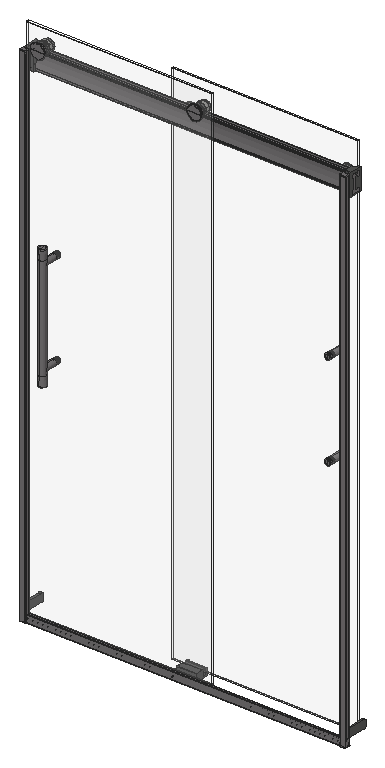
Revit family "Shower-Shower_Door-KOHLER-Elmbrook-K-706852_1", category Specialty Equipment, host Face, Revit 2022 (continued)
Definition of nested family "K-706852"
  Lines and regions (in)
    symbolic lines, detail levels medium+fine
      curve 82: line (-8.10636, 0.35347, 0) -> (-8.13193, 0.3279, 0)
      curve 83: line (-6.74172, 0.35347, 0) -> (-6.71546, 0.32721, 0)
      curve 84: arc (-6.71546, 0.32721, 0) -> (-6.70558, 0.31243, 0) -> (-6.70211, 0.29499, 0) r 0.04557
      curve 85: arc (-8.13193, 0.3279, 0) -> (-8.14231, 0.31235, 0) -> (-8.14596, 0.29401, 0) r 0.04793
      curve 86: line (-6.71546, 0.32721, 0) -> (-8.1324, 0.32721, 0)
      curve 87: line (-6.70211, 0.29499, 0) -> (-8.14595, 0.29499, 0)
      curve 88: line (-7.63275, 0.03647, 0) -> (-7.63275, -0.02156, 0)
      curve 89: line (-7.21443, 0.03647, 0) -> (-7.21443, -0.02156, 0)
      curve 90: arc (-8.15135, -1.03166, 0) -> (-8.23877, -1.36938, 0) -> (-8.44129, -1.65344, 0) r 0.95825
      curve 91: arc (-6.67596, -1.03166, 0) -> (-6.60656, -1.37779, 0) -> (-6.38602, -1.65344, 0) r 0.74727
      curve 92: line (-7.63275, 0.02288, 0) -> (-28.5392, 0.02288, 0)
      curve 93: line (-7.63275, -0.00512, 0) -> (-28.5392, -0.00512, 0)
      curve 94: line (-7.63275, -0.01434, 0) -> (-28.15901, -0.01434, 0)
      curve 95: line (-6.60962, -0.20812, 0) -> (12.42859, -0.20812, 0)
      curve 96: line (-6.60975, -0.21734, 0) -> (12.42859, -0.21734, 0)
      curve 97: line (-7.68984, -0.41934, 0) -> (-28.57159, -0.41934, 0)
      curve 98: line (-7.68984, -0.41012, 0) -> (-28.57159, -0.41012, 0)
      curve 99: line (-6.64873, -1.26408, 0) -> (12.65204, -1.26408, 0)
      curve 100: line (-6.63972, -1.29376, 0) -> (12.65204, -1.29376, 0)
      curve 101: line (12.65204, -1.23422, 0) -> (12.65204, -1.65962, 0)
      curve 102: arc (12.76273, -1.12353, 0) -> (12.68446, -1.15595, 0) -> (12.65204, -1.23422, 0) r 0.11069
      curve 103: line (13.4171, -1.12353, 0) -> (12.76273, -1.12353, 0)
      curve 104: line (13.06536, 0.7144, 0) -> (13.06536, 1.0264, 0)
      curve 105: line (13.06536, 0.94095, 0) -> (13.4171, 0.94095, 0)
      curve 106: line (9.07254, 1.0264, 0) -> (9.77854, 1.0264, 0)
      curve 107: line (9.06879, 0.7144, 0) -> (9.78103, 0.7144, 0)
      curve 108: line (10.41216, 1.0264, 0) -> (11.82968, 1.0264, 0)
      curve 109: line (11.82968, 0.7144, 0) -> (10.41216, 0.7144, 0)
      curve 110: line (10.58979, 0.52249, 0) -> (11.65204, 0.52249, 0)
      curve 111: line (9.03126, 1.06767, 0) -> (9.81865, 1.06767, 0)
      curve 112: line (9.81866, 0.67677, 0) -> (9.03126, 0.67677, 0)
      curve 113: arc (9.03126, 2.60814, 0) -> (9.42496, 2.44378, 0) -> (9.81866, 2.60814, 0) r 0.55371
      curve 114: line (10.1376, 1.54393, 0) -> (12.1162, 1.54393, 0)
      curve 115: line (-10.83221, 0.46188, 0) -> (-8.07631, 0.46188, 0)
      curve 116: line (-11.07315, 0.7144, 0) -> (-9.60787, 0.7144, 0)
      curve 117: line (-9.78402, 0.51916, 0) -> (-10.89699, 0.51916, 0)
      curve 118: line (-11.33484, 1.55046, 0) -> (-9.34618, 1.55046, 0)
      curve 119: line (12.44652, 0, 70.12659) -> (-5.41883, 0, 70.12659)
      curve 120: line (13.4171, 0, 70.33864) -> (12.44652, 0, 70.33864)
      curve 121: line (-5.41883, 0, 67.58059) -> (12.44652, 0, 67.58059)
      curve 122: line (12.44652, 0, 67.35303) -> (12.64623, 0, 67.35303)
      curve 123: line (12.44652, 0, 70.33864) -> (12.44652, 0, 67.35303)
      curve 124: line (-30.46324, 0, 0.078) -> (-30.46324, 0, 70.33864)
      curve 125: line (-30.46324, 0, 0.99037) -> (12.64623, 0, 0.99037)
      curve 126: line (12.64623, 0, 0.078) -> (12.64623, 0, 70.33864)
      curve 127: line (-5.41883, 0, 73.53554) -> (-5.41883, 0, 0.99037)
      curve 128: line (-30.46324, 0, 70.33864) -> (-30.913, 0, 70.33864)
      curve 129: line (-30.906, 0, 0.078) -> (-30.46324, 0, 0.078)
      curve 130: arc (9.42409, 0, 46.34422) -> (9.81779, 0, 45.95052) -> (9.42409, 0, 45.55682) r 0.3937
      curve 131: arc (9.42409, 0, 45.55682) -> (9.03039, 0, 45.95052) -> (9.42409, 0, 46.34422) r 0.3937
      curve 132: arc (9.42409, 0, 32.55642) -> (9.81779, 0, 32.95012) -> (9.42409, 0, 33.34382) r 0.3937
      curve 133: arc (9.42409, 0, 33.34382) -> (9.03039, 0, 32.95012) -> (9.42409, 0, 32.55642) r 0.3937
      curve 134: line (-27.63744, 0, 47.90829) -> (-26.76352, 0, 47.90829)
      curve 135: line (-27.5955, 0, 46.63584) -> (-27.5955, 0, 33.05316)
      curve 136: line (-26.73096, 0, 33.05316) -> (-26.73096, 0, 46.63584)
      curve 137: line (-27.63282, 0, 30.99648) -> (-26.68569, 0, 30.99648)
      curve 138: arc (-27.5955, 0, 33.05316) -> (-27.61985, 0, 32.05673) -> (-27.69284, 0, 31.06268) r 20.40004
      curve 139: arc (-26.63951, 0, 31.04707) -> (-26.70809, 0, 32.04908) -> (-26.73096, 0, 33.05316) r 22.04962
      curve 140: arc (-26.68569, 0, 30.99648) -> (-26.65144, 0, 31.01159) -> (-26.63951, 0, 31.04707) r 0.04637
      curve 141: arc (-27.69284, 0, 31.06268) -> (-27.6775, 0, 31.01628) -> (-27.63282, 0, 30.99648) r 0.06032
      curve 142: arc (-26.73096, 0, 46.63584) -> (-26.72466, 0, 47.24209) -> (-26.70577, 0, 47.84808) r 29.18386
      curve 143: arc (-27.69525, 0, 47.84003) -> (-27.62048, 0, 47.24) -> (-27.5955, 0, 46.63584) r 7.31843
      curve 144: arc (-27.69525, 0, 47.84003) -> (-27.68217, 0, 47.88756) -> (-27.63744, 0, 47.90829) r 0.05861
      curve 145: arc (-29.87877, 0, 70.79309) -> (-28.90917, 0, 71.76269) -> (-27.93956, 0, 70.79309) r 0.9696
      curve 146: arc (-27.93956, 0, 70.79309) -> (-28.90917, 0, 69.82348) -> (-29.87877, 0, 70.79309) r 0.9696
      curve 147: arc (-8.43368, 0, 70.79232) -> (-7.42404, 0, 71.80196) -> (-6.4144, 0, 70.79232) r 1.00964
      curve 148: arc (-6.4144, 0, 70.79232) -> (-7.42404, 0, 69.78268) -> (-8.43368, 0, 70.79232) r 1.00964
      curve 149: line (23.30203, 1.01507, 33.34476) -> (23.30203, 1.01507, 32.55736)
      curve 150: line (23.30203, -1.78183, 33.34476) -> (23.30203, -1.78183, 32.55736)
      curve 151: arc (23.30203, 2.59033, 33.34476) -> (23.30203, 2.77913, 32.95136) -> (23.30203, 2.59033, 32.55795) r 0.50428
      curve 152: arc (23.30203, -2.601, 33.34476) -> (23.30203, -2.78543, 32.95136) -> (23.30203, -2.601, 32.55795) r 0.5118
      curve 153: arc (23.30203, -2.601, 46.3363) -> (23.30203, -2.79783, 45.94289) -> (23.30203, -2.601, 45.54949) r 0.49156
      curve 154: line (23.30203, -1.78183, 46.3363) -> (23.30203, -1.78183, 45.54949)
      curve 155: line (23.30203, 1.01507, 46.3363) -> (23.30203, 1.01507, 45.54949)
      curve 156: arc (23.30203, 2.59033, 46.3363) -> (23.30203, 2.86224, 45.94289) -> (23.30203, 2.59033, 45.54949) r 0.42055
      curve 157: line (23.30203, 1.01814, 2.12758) -> (23.30203, -1.78159, 2.12758)
      curve 158: line (23.30203, 1.27068, 1.05363) -> (23.30203, -1.77498, 1.05363)
      curve 159: line (23.30203, 0.34393, 70.33885) -> (23.30203, -1.09089, 70.33885)
      curve 160: line (23.30203, -1.09089, 70.20372) -> (23.30203, 0.86499, 70.20372)
      curve 161: line (23.30203, -1.11053, 70.22412) -> (23.30203, -1.11053, 70.3192)
      curve 162: arc (23.30203, -1.09089, 70.33885) -> (23.30203, -1.10478, 70.33309) -> (23.30203, -1.11053, 70.3192) r 0.01964
      curve 163: arc (23.30203, -1.09013, 70.20372) -> (23.30203, -1.10456, 70.2097) -> (23.30203, -1.11053, 70.22412) r 0.0204
      curve 164: line (23.30203, 0.70517, 70.33887) -> (23.30203, 0.91705, 70.33887)
      curve 165: line (23.30203, 0.93973, 70.3192) -> (23.30203, 0.93973, 67.36209)
      curve 166: line (23.30203, 0.88446, 70.18426) -> (23.30203, 0.88446, 67.60686)
      curve 167: arc (23.30203, 0.91705, 70.33887) -> (23.30203, 0.93253, 70.33246) -> (23.30203, 0.93894, 70.31697) r 0.0219
      curve 168: line (23.30203, 0.49466, 67.58021) -> (23.30203, 0.85916, 67.58147)
      curve 169: line (23.30203, 0.91651, 67.33927) -> (23.30203, -1.08828, 67.33927)
      curve 170: arc (23.30203, 0.88446, 67.60686) -> (23.30203, 0.87705, 67.58894) -> (23.30203, 0.85916, 67.58147) r 0.02539
      curve 171: arc (23.30203, 0.93973, 67.36209) -> (23.30203, 0.93309, 67.34605) -> (23.30203, 0.91705, 67.33941) r 0.02269
      curve 172: line (23.30203, 0.30435, 71.50714) -> (23.30203, 0.30435, 70.33885)
      curve 173: line (23.30203, 0.03693, 71.27334) -> (23.30203, 0.03693, 70.33885)
      curve 174: line (23.30203, -0.02156, 71.27334) -> (23.30203, -0.02156, 70.33885)
      curve 175: line (23.30203, -0.39418, 71.04967) -> (23.30203, -0.39418, 70.33885)
      curve 176: line (23.30203, -0.44395, 71.04967) -> (23.30203, -0.44395, 70.33885)
      curve 177: line (23.30203, -0.52889, 71.3334) -> (23.30203, -0.52889, 70.33885)
      curve 178: line (23.30203, -0.46435, 71.3334) -> (23.30203, -0.46435, 70.33885)
      curve 179: line (23.30203, -0.72889, 71.51375) -> (23.30203, -0.72889, 70.33885)
      curve 180: line (23.30203, -1.04089, 71.47767) -> (23.30203, -1.04089, 70.33885)
      curve 181: line (23.30203, 1.0215, 69.34449) -> (23.30203, 1.0215, 68.15362)
      curve 182: line (23.30203, 1.01507, 67.96928) -> (23.30203, 1.0215, 68.15362)
      curve 183: line (23.30203, -1.11053, 70.3192) -> (23.30203, 0.93973, 70.3192)
      curve 184: line (23.30203, -1.11053, 70.22412) -> (23.30203, 0.87748, 70.22412)
      curve 185: line (23.30203, 0.91705, 70.33887) -> (23.30203, 0.91705, 67.33941)
      curve 186: line (23.30203, 0.93973, 67.36209) -> (23.30203, -1.11168, 67.36209)
      curve 187: line (23.30203, -0.52642, 67.58624) -> (23.30203, -1.08941, 67.58624)
      curve 188: line (23.30203, -1.08941, 67.33931) -> (23.30203, -1.08941, 67.58624)
      curve 189: line (23.30203, -1.11168, 67.36209) -> (23.30203, -1.11168, 67.56822)
      curve 190: line (23.30203, 0.85811, 67.6142) -> (23.30203, -1.71776, 67.6142)
      curve 191: arc (23.30203, -1.08941, 67.33931) -> (23.30203, -1.10598, 67.34617) -> (23.30203, -1.11284, 67.36274) r 0.02343
      curve 192: line (23.30203, -1.11168, 67.56822) -> (23.30203, -0.52163, 67.56822)
      curve 193: line (23.30203, 0.50003, 67.56552) -> (23.30203, 0.87212, 67.56552)
      curve 194: line (23.30203, 0.90685, 67.60025) -> (23.30203, 0.90685, 70.19475)
      curve 195: arc (23.30203, 0.87748, 70.22412) -> (23.30203, 0.89825, 70.21552) -> (23.30203, 0.90685, 70.19475) r 0.02937
      curve 196: line (23.30203, -1.09089, 70.33885) -> (23.30203, -1.09089, 70.20372)
      curve 197: arc (23.30203, 0.87212, 67.56552) -> (23.30203, 0.89668, 67.5757) -> (23.30203, 0.90685, 67.60025) r 0.03473
      curve 198: line (23.30203, 0.46004, 67.54428) -> (23.30203, -0.48181, 67.54428)
      curve 199: line (23.30203, -0.48181, 67.52428) -> (23.30203, 0.46004, 67.52428)
      curve 200: arc (23.30203, -0.50181, 67.56428) -> (23.30203, -0.50993, 67.57995) -> (23.30203, -0.52642, 67.58624) r 0.02478
      curve 201: arc (23.30203, -0.52163, 67.56822) -> (23.30203, -0.51146, 67.53743) -> (23.30203, -0.48181, 67.52428) r 0.04001
      curve 202: arc (23.30203, 0.47672, 67.55323) -> (23.30203, 0.4695, 67.54666) -> (23.30203, 0.46004, 67.54428) r 0.02003
      curve 203: arc (23.30203, 0.46004, 67.52428) -> (23.30203, 0.48876, 67.53644) -> (23.30203, 0.50003, 67.56552) r 0.04001
      curve 204: line (23.30203, -1.67943, 70.3232) -> (23.30203, -1.11012, 70.3232)
      curve 205: line (23.30203, -1.57969, 71.79214) -> (23.30203, -1.57969, 70.3232)
      curve 206: line (23.30203, -1.62123, 71.79957) -> (23.30203, -1.62123, 70.3232)
      curve 207: line (23.30203, -1.65378, 71.7825) -> (23.30203, -1.65378, 70.3232)
      curve 208: line (23.30203, 1.57964, 69.65937) -> (23.30203, 1.57964, 67.65089)
      curve 209: line (23.30203, 1.54025, 67.65868) -> (23.30203, 1.54025, 69.6497)
      curve 210: line (23.30203, 1.64668, 67.68505) -> (23.30203, 1.64668, 69.6275)
      curve 211: line (23.30203, 1.09929, 1.05363) -> (23.30203, 1.08497, 0.23334)
      curve 212: line (23.30203, 0.72432, 0.20197) -> (23.30203, 0.67969, 1.05363)
      curve 213: line (23.30203, -0.44189, 1.05363) -> (23.30203, -0.48606, 0.2109)
      curve 214: line (23.30203, -0.84702, 0.23332) -> (23.30203, -0.84702, 1.05363)
      curve 215: line (23.30203, 0.99019, 0.1402) -> (23.30203, 0.78942, 0.1402)
      curve 216: line (23.30203, -0.56056, 0.1402) -> (23.30203, -0.75391, 0.1402)
      curve 217: arc (23.30203, 1.08497, 0.23334) -> (23.30203, 1.05663, 0.16738) -> (23.30203, 0.99019, 0.1402) r 0.09479
      curve 218: arc (23.30203, 0.78942, 0.1402) -> (23.30203, 0.74455, 0.1581) -> (23.30203, 0.72432, 0.20197) r 0.06518
      curve 219: arc (23.30203, -0.48606, 0.2109) -> (23.30203, -0.50921, 0.16069) -> (23.30203, -0.56056, 0.1402) r 0.07461
      curve 220: arc (23.30203, -0.75391, 0.1402) -> (23.30203, -0.81975, 0.16747) -> (23.30203, -0.84702, 0.23332) r 0.09311
      curve 221: line (23.30203, 1.113, 1.05363) -> (23.30203, 1.09871, 0.23483)
      curve 222: line (23.30203, 0.98641, 0.12448) -> (23.30203, 0.79295, 0.12448)
      curve 223: line (23.30203, 0.66454, 1.05363) -> (23.30203, 0.70906, 0.20409)
      curve 224: arc (23.30203, 0.70906, 0.20409) -> (23.30203, 0.73513, 0.14755) -> (23.30203, 0.79295, 0.12448) r 0.084
      curve 225: arc (23.30203, 1.09871, 0.23483) -> (23.30203, 1.06513, 0.15669) -> (23.30203, 0.98641, 0.12448) r 0.11231
      curve 226: line (23.30203, -0.47002, 0.21148) -> (23.30203, -0.42589, 1.05363)
      curve 227: line (23.30203, -0.86285, 0.21493) -> (23.30203, -0.86285, 1.05363)
      curve 228: line (23.30203, -0.5617, 0.12448) -> (23.30203, -0.7708, 0.12448)
      curve 229: arc (23.30203, -0.5617, 0.12448) -> (23.30203, -0.49851, 0.14969) -> (23.30203, -0.47002, 0.21148) r 0.09181
      curve 230: arc (23.30203, -0.7708, 0.12448) -> (23.30203, -0.83533, 0.15088) -> (23.30203, -0.86285, 0.21493) r 0.09206
      curve 231: line (23.30203, 0.70517, 46.28708) -> (23.30203, 0.70517, 45.57773)
      curve 232: line (23.30203, -1.66242, 0.07764) -> (23.30203, -1.66242, 1.05363)
      curve 233: line (23.30203, -1.66242, 0.07764) -> (23.30203, -1.66242, 1.05363)
      curve 234: line (23.30203, -1.71776, 67.6142) -> (23.30203, -1.71776, 2.12758)
      curve 235: line (23.30203, -1.75433, 0.0782) -> (23.30203, -1.75433, 1.05363)
      curve 236: line (23.30203, -1.731, 70.2432) -> (23.30203, -1.731, 2.12758)
      curve 237: line (23.30203, -1.69083, 0.07764) -> (23.30203, -1.69083, 1.05363)
      curve 238: line (23.30203, -1.77677, 70.2432) -> (23.30203, -1.13835, 70.2432)
      curve 239: line (23.30203, -1.13835, 70.2432) -> (23.30203, -1.13835, 70.2918)
      curve 240: arc (23.30203, -1.13835, 70.2918) -> (23.30203, -1.14614, 70.31262) -> (23.30203, -1.16569, 70.3232) r 0.0317
      curve 241: line (23.30203, -1.44117, 33.93923) -> (23.30203, -1.44117, 63.52117)
      curve 242: line (23.30203, -1.25276, 67.6142) -> (23.30203, -1.25276, 2.12758)
      curve 243: line (23.30203, -1.26876, 67.6142) -> (23.30203, -1.26876, 2.12758)
      curve 244: line (23.30203, -1.19776, 0.07764) -> (23.30203, -1.19776, 1.05363)
      curve 245: line (23.30203, -1.04089, 67.33927) -> (23.30203, -1.04089, 2.12758)
      curve 246: line (23.30203, -1.16119, 0.07764) -> (23.30203, -1.16119, 1.05363)
      curve 247: line (23.30203, -1.16119, 2.12758) -> (23.30203, -1.16119, 70.2432)
      curve 248: line (23.30203, -1.04089, 1.05363) -> (23.30203, -1.04089, 0.1612)
      curve 249: line (23.30203, -1.19776, 2.12758) -> (23.30203, -1.19776, 67.6142)
      curve 250: line (23.30203, -1.25276, 1.05363) -> (23.30203, -1.25276, 0.07764)
      curve 251: line (23.30203, -1.26876, 1.05363) -> (23.30203, -1.26876, 0.07764)
      curve 252: line (23.30203, -1.66242, 2.12758) -> (23.30203, -1.66242, 67.6142)
      curve 253: line (23.30203, -1.69083, 2.12758) -> (23.30203, -1.69085, 67.6142)
      curve 254: line (23.30203, -1.71776, 1.05363) -> (23.30203, -1.71776, 0.07764)
      curve 255: line (23.30203, -1.731, 1.05363) -> (23.30203, -1.731, 0.0782)
      curve 256: line (23.30203, -1.75433, 2.12758) -> (23.30203, -1.75433, 70.2432)
      curve 257: line (23.30203, -1.66242, 0.07764) -> (23.30203, -0.98163, 0.07764)
      curve 258: line (23.30203, -0.97176, 0.05236) -> (23.30203, -0.97176, 0)
      curve 259: line (23.30203, -1.47129, 0.07764) -> (23.30203, -1.47129, 67.6142)
      curve 260: line (23.30203, -1.44117, 0.07764) -> (23.30203, -1.44117, 67.6142)
      curve 261: line (23.30203, 0.67675, 0.82056) -> (23.30203, -0.4381, 0.82056)
      curve 262: line (23.30203, 1.10893, 0.82056) -> (23.30203, 1.28918, 0.82056)
      curve 263: line (23.30203, -1.71776, 0.9957) -> (23.30203, -1.19776, 0.9957)
      curve 264: line (23.30203, -0.91253, 0.04289) -> (23.30203, -0.54226, 0.00307)
      curve 265: line (23.30203, -1.16119, 0.1612) -> (23.30203, -0.97909, 0.1612)
      curve 266: line (23.30203, -0.95296, 0.13553) -> (23.30203, -0.9521, 0.08618)
      curve 267: arc (23.30203, -0.97909, 0.1612) -> (23.30203, -0.96077, 0.15371) -> (23.30203, -0.95296, 0.13553) r 0.02613
      curve 268: arc (23.30203, -0.9521, 0.08618) -> (23.30203, -0.9405, 0.05705) -> (23.30203, -0.91253, 0.04289) r 0.04432
      curve 269: line (23.30203, -0.99313, 0.1612) -> (23.30203, -0.99313, 0.10816)
      curve 270: line (23.30203, -0.99313, 0.10816) -> (23.30203, -1.02365, 0.07764)
      curve 271: line (23.30203, -0.99313, 0.10816) -> (23.30203, -1.16119, 0.10816)
      curve 272: line (23.30203, 3.45825, 46.54333) -> (23.30203, 2.59033, 46.54333)
      curve 273: line (23.30203, -2.601, 46.54333) -> (23.30203, -3.46891, 46.54333)
      curve 274: line (23.30203, -2.50878, 47.83303) -> (23.30203, -3.56123, 47.83303)
      curve 275: line (23.30203, 3.5397, 47.83585) -> (23.30203, 2.49771, 47.83585)
      curve 276: line (23.30203, 2.59033, 32.35092) -> (23.30203, 3.45825, 32.35092)
      curve 277: line (23.30203, 3.54164, 31.08859) -> (23.30203, 2.50201, 31.08859)
      curve 278: line (23.30203, -2.50878, 31.06121) -> (23.30203, -3.56123, 31.06121)
      curve 279: line (23.30203, -3.46891, 32.35092) -> (23.30203, -2.601, 32.35092)
      curve 280: line (23.30203, -1.71776, 70.12679) -> (23.30203, 0.85811, 70.12679)
      curve 281: line (23.30203, 0.85811, 67.6142) -> (23.30203, 0.85811, 70.12679)
      curve 282: line (23.30203, 0.78911, 70.12679) -> (23.30203, 0.78911, 67.6142)
      curve 283: line (23.30203, 0.75711, 70.12679) -> (23.30203, 0.75711, 67.6142)
      curve 284: line (23.30203, 0.53011, 67.6142) -> (23.30203, 0.53011, 70.12679)
      curve 285: line (23.30203, 0.48611, 70.12679) -> (23.30203, 0.48611, 67.6142)
      curve 286: line (23.30203, 0.51411, 70.12679) -> (23.30203, 0.51411, 67.6142)
      curve 287: line (23.30203, 0.47011, 70.12679) -> (23.30203, 0.47011, 67.6142)
      curve 288: line (23.30203, 0.77311, 70.12679) -> (23.30203, 0.77311, 67.6142)
      curve 289: line (23.30203, 0.84211, 70.12679) -> (23.30203, 0.84211, 67.6142)
      curve 290: line (23.30203, 0.45411, 70.12679) -> (23.30203, 0.45411, 67.6142)
      curve 291: line (23.30203, 0.54611, 70.12679) -> (23.30203, 0.54611, 67.6142)
      curve 292: line (23.30203, -0.75089, 67.6142) -> (23.30203, -0.75089, 70.12679)
      curve 293: line (23.30203, -0.79489, 70.12679) -> (23.30203, -0.79489, 67.6142)
      curve 294: line (23.30203, -0.76689, 70.12679) -> (23.30203, -0.76689, 67.6142)
      curve 295: line (23.30203, -0.81089, 70.12679) -> (23.30203, -0.81089, 67.6142)
      curve 296: line (23.30203, -0.82689, 70.12679) -> (23.30203, -0.82689, 67.6142)
      curve 297: line (23.30203, -1.04776, 67.6142) -> (23.30203, -1.04776, 70.12679)
      curve 298: line (23.30203, -1.06376, 70.12679) -> (23.30203, -1.06376, 67.6142)
      curve 299: line (23.30203, -1.03176, 70.12679) -> (23.30203, -1.03176, 67.6142)
      curve 300: circle (23.30203, 0.12407, 69.35408) r 0.13429 normal (1, 0, 0)
      curve 301: circle (23.30203, -0.40335, 69.35408) r 0.13429 normal (1, 0, 0)
      curve 302: circle (23.30203, 0.12407, 68.40068) r 0.13429 normal (1, 0, 0)
      curve 303: circle (23.30203, -0.40335, 68.40068) r 0.13429 normal (1, 0, 0)
      curve 304: line (23.30203, -1.71776, 70.12679) -> (23.30203, -1.71776, 67.6142)
      curve 305: line (23.30203, -1.69115, 70.12679) -> (23.30203, -1.69116, 67.6142)
      curve 306: line (23.30203, -1.6768, 70.12679) -> (23.30203, -1.67683, 67.6142)
      curve 307: line (23.30203, -1.61876, 70.12679) -> (23.30203, -1.61876, 69.3902)
      curve 308: line (23.30203, -1.60276, 67.6142) -> (23.30203, -1.60276, 70.12679)
      curve 309: line (23.30203, -1.31276, 70.12679) -> (23.30203, -1.31276, 67.6142)
      curve 310: line (23.30203, -1.29676, 70.12679) -> (23.30203, -1.29676, 69.3902)
      curve 311: line (23.30203, -1.33636, 70.12679) -> (23.30203, -1.33636, 66.1402)
      curve 312: line (23.30203, -1.57936, 70.12679) -> (23.30203, -1.57936, 66.1402)
      curve 313: line (23.30203, -1.61876, 69.3277) -> (23.30203, -1.61876, 67.6142)
      curve 314: line (23.30203, -1.29676, 69.3277) -> (23.30203, -1.29676, 67.6142)
      curve 315: line (23.30203, -1.25276, 69.3277) -> (23.30203, -1.25276, 69.3902)
      curve 316: line (23.30203, -1.60276, 69.3902) -> (23.30203, -1.66276, 69.3902)
      curve 317: line (23.30203, -1.25276, 69.3902) -> (23.30203, -1.31276, 69.3902)
      curve 318: line (23.30203, -1.31276, 69.3277) -> (23.30203, -1.25276, 69.3277)
      curve 319: line (23.30203, -1.66276, 69.3277) -> (23.30203, -1.60276, 69.3277)
      curve 320: line (23.30203, -1.66276, 69.3902) -> (23.30203, -1.66276, 69.3277)
      curve 321: line (23.30203, -1.18453, 70.12679) -> (23.30203, -1.18453, 70.2432)
      curve 322: line (23.30203, -1.23776, 70.2432) -> (23.30203, -1.23776, 70.12679)
      curve 323: line (23.30203, -1.27902, 70.243) -> (23.30203, -1.27902, 70.12679)
      curve 324: line (23.30203, -1.43633, 70.12679) -> (23.30203, -1.43227, 70.243)
      curve 325: line (23.30203, -1.48325, 70.243) -> (23.30203, -1.4792, 70.12679)
      curve 326: line (23.30203, -1.63651, 70.12679) -> (23.30203, -1.63651, 70.243)
      curve 327: line (23.30203, -1.4712, 70.12679) -> (23.30203, -1.47526, 70.243)
      curve 328: line (23.30203, -1.44432, 70.12679) -> (23.30203, -1.44026, 70.243)
      curve 329: line (23.30203, -1.64777, 70.12679) -> (23.30203, -1.64827, 70.243)
      curve 330: line (23.30203, -1.26775, 70.12679) -> (23.30203, -1.26725, 70.243)
      curve 331: line (23.30203, -1.69376, 70.12679) -> (23.30203, -1.69376, 70.2432)
      curve 332: line (23.30203, -1.70213, 70.2432) -> (23.30203, -1.70213, 70.12679)
      curve 333: line (23.30203, -1.6624, 70.12679) -> (23.30203, -1.66811, 70.243)
      curve 334: line (23.30203, -1.25313, 70.12679) -> (23.30203, -1.24745, 70.24211)
      curve 335: line (23.30203, -1.67776, 70.12679) -> (23.30203, -1.67776, 70.2432)
      curve 336: line (23.30203, -1.62971, 70.2827) -> (23.30203, -1.28581, 70.2827)
      curve 337: line (23.30203, -1.28581, 70.2827) -> (23.30203, -1.27885, 70.2432)
      curve 338: line (23.30203, -1.62971, 70.2827) -> (23.30203, -1.63526, 70.2432)
      curve 339: line (23.30203, 0.65517, 33.31744) -> (23.30203, 0.65517, 32.58851)
      curve 340: line (23.30203, 0.64064, 33.34349) -> (23.30203, 0.64064, 32.55674)
      curve 341: line (23.30203, 0.42008, 32.55736) -> (23.30203, 0.42008, 33.34476)
      curve 342: line (23.30203, -0.67352, 33.29201) -> (23.30203, -0.67352, 32.61246)
      curve 343: line (23.30203, -0.66361, 33.34121) -> (23.30203, -0.66361, 32.55903)
      curve 344: line (23.30203, -0.43844, 32.55547) -> (23.30203, -0.43844, 33.34476)
      curve 345: line (23.30203, -0.72889, 46.28708) -> (23.30203, -0.72889, 45.57773)
      curve 346: line (23.30203, -1.26876, 66.1402) -> (23.30203, -1.66242, 66.1402)
      curve 347: line (23.30203, -1.04089, 32.61152) -> (23.30203, -1.16119, 32.61152)
      curve 348: line (23.30203, -1.04089, 33.297) -> (23.30203, -1.16119, 33.297)
      curve 349: line (23.30203, 0.42541, 45.57773) -> (23.30203, 0.42541, 46.28708)
      curve 350: line (23.30203, -0.44892, 45.57773) -> (23.30203, -0.44892, 46.28708)
      curve 351: arc (-5.41883, 0.86499, 70.20372) -> (-5.41883, 0.88111, 70.1943) -> (-5.41883, 0.88446, 70.17593) r 0.02235
      curve 352: arc (-5.41883, -0.98163, 0.07764) -> (-5.41883, -0.97302, 0.06644) -> (-5.41883, -0.97176, 0.05236) r 0.02526
      curve 353: arc (-5.41883, -0.48181, 67.54428) -> (-5.41883, -0.49317, 67.55276) -> (-5.41883, -0.50178, 67.56402) r 0.05125
      curve 354: arc (-5.41883, 0.49466, 67.58021) -> (-5.41883, 0.48198, 67.56918) -> (-5.41883, 0.47672, 67.55323) r 0.03172
      curve 355: line (-11.05107, 1.0264, 0) -> (-9.62994, 1.0264, 0)
      curve 356: arc (-26.76352, 0, 47.90829) -> (-26.72181, 0, 47.8905) -> (-26.70577, 0, 47.84808) r 0.0578
      curve 357: line (-27.69525, 0, 47.84003) -> (-26.711, 0, 47.84003)
      curve 358: line (-27.5955, 0, 46.63584) -> (-26.73096, 0, 46.63584)
      curve 359: line (-27.5955, 0, 33.05316) -> (-26.73096, 0, 33.05316)
      curve 360: line (-27.69284, 0, 31.06268) -> (-26.64093, 0, 31.06268)
      curve 361: line (-10.83221, 1.0264, 0) -> (-8.07631, 1.0264, 0)
      curve 362: line (-10.83221, 0.70453, 0) -> (-8.07631, 0.70453, 0)
      curve 363: line (-10.83221, -0.48213, 0) -> (-10.83221, -0.41934, 0)
      curve 364: line (-11.34343, 1.59128, 0) -> (-9.33758, 1.59128, 0)
      curve 365: line (-9.4087, 1.6624, 0) -> (-11.27231, 1.6624, 0)
      curve 366: line (12.11139, 1.5747, 0) -> (10.12745, 1.5747, 0)
      curve 367: line (10.18673, 1.65996, 0) -> (12.06217, 1.65996, 0)
      curve 368: line (23.30203, 0.70517, 33.29201) -> (23.30203, 0.70517, 32.61246)
      curve 369: line (23.30203, -0.72889, 33.29201) -> (23.30203, -0.72889, 32.61246)
  Dimensions and locks (in)
    locked: plane 5 to plane 3 "Center (Left/Right)" at 25.81528
    plane 5 to plane 6 = 44.65121"
    locked: plane 11 "E" to plane 18 at 25.43393
    locked: plane 11 "E" to plane 14 "D" at 1.9828
    locked: plane 18 to plane 6 at 0.30647
    locked: plane 7 to plane 6 at 0.76506
    locked: plane 17 "A" to plane 7 at 1.53199
    locked: plane 16 "B" to plane 17 "A" at 1.69595
    locked: Masking region 2 sketch curve to plane 14 "D" at 0.55648
    locked: Masking region 2 sketch curve to plane 14 "D" at 0.73264
    plane 21 to level = 73.53554"
    plane 25 "Z" to plane 26 = 16.91346"
    plane 26 to level = 30.99378"
    Extrusion 13 to level = 67.58059"
    "Walk Thru": plane 3 "Center (Left/Right)" to plane 7
    plane 7 to plane 6 = 0.76506"
    aligned and locked: plane 2 to level
    aligned and locked: Extrusion 1 to Extrusion 2  (x2)
    aligned and locked: Extrusion 4 to Extrusion 1
    aligned and locked: Extrusion 5 to Extrusion 4
    aligned and locked: Extrusion 5 to Extrusion 12
    aligned and locked: Extrusion 7 to Extrusion 5
    aligned and locked: Extrusion 7 to Extrusion 14
    aligned and locked: Extrusion 7 to Extrusion 3
    aligned and locked: Extrusion 1 to Extrusion 7
    aligned and locked: plane 6 to Extrusion 27
    aligned and locked: plane 6 to Extrusion 4
    aligned and locked: plane 6 to Extrusion 1
    aligned and locked: plane 6 to Extrusion 14
    aligned and locked: plane 6 to Extrusion 26
    aligned and locked: Extrusion 27 to Extrusion 4
    aligned and locked: Extrusion 1 to Extrusion 13
    aligned and locked: Extrusion 26 to Extrusion 4
    aligned and locked: Extrusion 26 to Extrusion 9
    aligned and locked: plane 18 to Extrusion 27
    aligned and locked: plane 18 to Extrusion 26
    aligned and locked: Extrusion 27 to plane 18  (x3)
    aligned and locked: plane 6 to Masking region 1 sketch curve  (x2)
    aligned and locked: plane 12 to Masking region 1
    aligned and locked: plane 11 "E" to Masking region 2 sketch curve
    aligned and locked: Masking region 2 sketch curve to plane 6
    aligned and locked: Masking region 2 to Masking region 2  (x2)
    aligned and locked: plane 11 "E" to Extrusion 9
    aligned and locked: Masking region 1 to curve 66
    aligned and locked: plane 6 to Extrusion 2
    aligned and locked: Extrusion 9 to plane 18
  Automatic sketch dimensions
    Extrusion 1 sketch curve to plane 5 = 0"
    Extrusion 1 sketch curve to plane 8 = 0"
    Extrusion 1 sketch curve to plane 7 = 0"
    plane 8 to Extrusion 1 sketch curve = 0.11069"
    Extrusion 1 sketch curve to Extrusion 1 sketch curve = 0"  (x3)
    plane 8 to Extrusion 1 sketch curve = 0.10792"
    Extrusion 1 sketch curve to plane 7 = 0.10792"
    Extrusion 1 sketch curve to plane 7 = 0.11069"
    Extrusion 1 sketch curve to plane 6 = 0"
    plane 1 "Center (Front/Back)" to Extrusion 1 sketch curve = 1.77677"
    plane 1 "Center (Front/Back)" to Extrusion 1 sketch curve = 1.76755"
    Extrusion 1 sketch curve to Extrusion 1 sketch curve = 0.41849"
    Extrusion 1 sketch curve to Extrusion 1 sketch curve = 0.4254"
    Extrusion 1 sketch curve to Extrusion 1 sketch curve = 0.63711"
    plane 1 "Center (Front/Back)" to Extrusion 3 sketch curve = 4.23471"
    plane 1 "Center (Front/Back)" to Extrusion 3 sketch curve = 0.48534"  (x2)
    Extrusion 3 sketch curve to Extrusion 3 sketch curve = 0.01988"
    Extrusion 3 sketch curve to Extrusion 3 sketch curve = 0.066"  (x2)
    Extrusion 3 sketch curve to Extrusion 3 sketch curve = 0.09379"
    Extrusion 3 sketch curve to Extrusion 3 sketch curve = 0.10821"
    plane 1 "Center (Front/Back)" to Extrusion 3 sketch curve = 0.18334"
    Extrusion 3 sketch curve to Extrusion 3 sketch curve = 0.05394"
    Extrusion 3 sketch curve to Extrusion 3 sketch curve = 0.02193"
    Extrusion 3 sketch curve to Extrusion 3 sketch curve = 0.02272"
    Extrusion 3 sketch curve to Extrusion 3 sketch curve = 0.01662"
    Extrusion 3 sketch curve to Extrusion 3 sketch curve = 0.06152"
    Extrusion 3 sketch curve to Extrusion 3 sketch curve = 0.05307"
    Extrusion 3 sketch curve to Extrusion 3 sketch curve = 0.022"
    Extrusion 3 sketch curve to Extrusion 3 sketch curve = 0.02283"
    plane 1 "Center (Front/Back)" to Extrusion 3 sketch curve = 0.0444"
    plane 1 "Center (Front/Back)" to Extrusion 3 sketch curve = 0.03684"
    Extrusion 3 sketch curve to Extrusion 3 sketch curve = 0.00669"
    plane 1 "Center (Front/Back)" to Extrusion 3 sketch curve = 0.01634"
    plane 1 "Center (Front/Back)" to Extrusion 3 sketch curve = 0.01434"
    plane 1 "Center (Front/Back)" to Extrusion 3 sketch curve = 0.00085"
    plane 1 "Center (Front/Back)" to Extrusion 3 sketch curve = 0.00059"
    Extrusion 3 sketch curve to plane 1 "Center (Front/Back)" = 0.00568"
    Extrusion 3 sketch curve to plane 1 "Center (Front/Back)" = 0.0109"
    Extrusion 3 sketch curve to plane 1 "Center (Front/Back)" = 0.01366"
    Extrusion 3 sketch curve to plane 1 "Center (Front/Back)" = 0.12258"
    Extrusion 3 sketch curve to Extrusion 3 sketch curve = 0.0082"
    Extrusion 3 sketch curve to Extrusion 3 sketch curve = 0.01227"
    Extrusion 3 sketch curve to Extrusion 3 sketch curve = 0.02088"
    Extrusion 3 sketch curve to Extrusion 3 sketch curve = 0.04981"
    Extrusion 3 sketch curve to Extrusion 3 sketch curve = 0.16944"
    Extrusion 3 sketch curve to Extrusion 3 sketch curve = 0.01378"
    Extrusion 3 sketch curve to Extrusion 3 sketch curve = 0.36515"
    Extrusion 3 sketch curve to Extrusion 3 sketch curve = 0.0117"
    Extrusion 3 sketch curve to Extrusion 3 sketch curve = 0.00708"
    Extrusion 3 sketch curve to Extrusion 3 sketch curve = 0.01285"
    Extrusion 3 sketch curve to Extrusion 3 sketch curve = 0.02385"
    Extrusion 3 sketch curve to Extrusion 3 sketch curve = 0.0397"
    Extrusion 3 sketch curve to Extrusion 3 sketch curve = 0.28068"
    Extrusion 3 sketch curve to Extrusion 3 sketch curve = 0.05"
    level to Extrusion 3 sketch curve = 67.58059"
    Extrusion 3 sketch curve to Extrusion 3 sketch curve = 0.08012"
    Extrusion 3 sketch curve to Extrusion 3 sketch curve = 0.03361"
    Extrusion 3 sketch curve to Extrusion 3 sketch curve = 0.17521"
    Extrusion 3 sketch curve to Extrusion 3 sketch curve = 0.04962"
    Extrusion 3 sketch curve to Extrusion 3 sketch curve = 0.08236"
    Extrusion 3 sketch curve to Extrusion 3 sketch curve = 0.03113"
    Extrusion 3 sketch curve to Extrusion 3 sketch curve = 0.08561"
    Extrusion 3 sketch curve to Extrusion 3 sketch curve = 0.00895"
    Extrusion 3 sketch curve to Extrusion 3 sketch curve = 1.0778"
    Extrusion 3 sketch curve to Extrusion 3 sketch curve = 1.47724"
    Extrusion 3 sketch curve to Extrusion 3 sketch curve = 41/256"
    Extrusion 3 sketch curve to Extrusion 3 sketch curve = 0.05217"
    Extrusion 3 sketch curve to Extrusion 3 sketch curve = 0.025"
    Extrusion 3 sketch curve to Extrusion 3 sketch curve = 0.03894"
    Extrusion 3 sketch curve to Extrusion 3 sketch curve = 0.03642"
    Extrusion 3 sketch curve to Extrusion 3 sketch curve = 0.00578"
    Extrusion 3 sketch curve to Extrusion 3 sketch curve = 0.03645"
    Extrusion 3 sketch curve to Extrusion 3 sketch curve = 0.00798"
    Extrusion 3 sketch curve to Extrusion 3 sketch curve = 0.13106"
    Extrusion 3 sketch curve to Extrusion 3 sketch curve = 0.04797"
    Extrusion 3 sketch curve to Extrusion 3 sketch curve = 0.08602"
    Extrusion 3 sketch curve to Extrusion 3 sketch curve = 0.3657"
    Extrusion 3 sketch curve to Extrusion 3 sketch curve = 0.087"
    Extrusion 4 sketch curve to plane 5 = 0"
    Extrusion 4 sketch curve to plane 20 = 0"  (x2)
    Extrusion 4 sketch curve to plane 19 = 0"
    Extrusion 4 sketch curve to plane 18 = 0"
    plane 18 to Extrusion 4 sketch curve = 0"
    Extrusion 4 sketch curve to plane 6 = 0"
    plane 7 to Extrusion 4 sketch curve = 0.17818"
    plane 1 "Center (Front/Back)" to Extrusion 4 sketch curve = 1.14032"
    Extrusion 4 sketch curve to Extrusion 4 sketch curve = 0.0066"  (x2)
    plane 1 "Center (Front/Back)" to Extrusion 4 sketch curve = 1.12353"
    Extrusion 4 sketch curve to Extrusion 4 sketch curve = 0.5594"
    Extrusion 4 sketch curve to Extrusion 4 sketch curve = 0.54959"
    plane 1 "Center (Front/Back)" to Extrusion 4 sketch curve = 0.56362"
    plane 1 "Center (Front/Back)" to Extrusion 4 sketch curve = 0.56282"
    Extrusion 4 sketch curve to plane 1 "Center (Front/Back)" = 0.56261"
    Extrusion 4 sketch curve to plane 1 "Center (Front/Back)" = 0.56341"
    Extrusion 4 sketch curve to plane 1 "Center (Front/Back)" = 0.57372"
    Extrusion 4 sketch curve to plane 1 "Center (Front/Back)" = 0.57411"
    Extrusion 4 sketch curve to Extrusion 4 sketch curve = 0.36801"  (x2)
    Extrusion 4 sketch curve to Extrusion 4 sketch curve = 0.00535"
    plane 1 "Center (Front/Back)" to Extrusion 5 sketch curve = 1.15678"
    Extrusion 5 sketch curve to plane 1 "Center (Front/Back)" = 1.46195"
    Extrusion 5 sketch curve to Extrusion 5 sketch curve = 0.00562"
    Extrusion 5 sketch curve to Extrusion 5 sketch curve = 0.25328"
    level to Extrusion 5 sketch curve = 1.05363"
    Extrusion 5 sketch curve to Extrusion 5 sketch curve = 0.5728"
    Revolve 6 sketch curve to plane 9 "G" = 0.0123"
    Revolve 6 sketch curve to plane 9 "G" = 0.16252"
    Revolve 6 sketch curve to plane 1 "Center (Front/Back)" = 0.04877"
    Revolve 6 sketch curve to plane 9 "G" = 0.2223"
    Revolve 6 sketch curve to plane 9 "G" = 0.2781"
    Revolve 6 sketch curve to Revolve 6 sketch curve = 0.1805"
    Revolve 6 sketch curve to Revolve 6 sketch curve = 0.24384"
    Revolve 6 sketch curve to Revolve 6 sketch curve = 0.04151"
    Revolve 6 sketch curve to Revolve 6 sketch curve = 0.47002"
    Revolve 6 sketch curve to Revolve 6 sketch curve = 0.36073"
    Revolve 6 sketch curve to Revolve 6 sketch curve = 0.04498"
    Revolve 6 sketch curve to Revolve 6 sketch curve = 0.17616"
    plane 1 "Center (Front/Back)" to Revolve 6 sketch curve = 0.00972"
    Revolve 6 sketch curve to Revolve 6 sketch curve = 0.02122"
    Revolve 6 sketch curve to Revolve 6 sketch curve = 0.01891"
    Revolve 6 sketch curve to plane 19 = 0.36422"
    Revolve 6 sketch curve to Revolve 6 sketch curve = 0.04471"
    plane 8 to Revolve 6 sketch curve = 0.05542"
    Revolve 6 sketch curve to Revolve 6 sketch curve = 0.26202"
    Revolve 6 sketch curve to plane 1 "Center (Front/Back)" = 0.35577"
    plane 1 "Center (Front/Back)" to Revolve 6 sketch curve = 0.19673"
    Revolve 6 sketch curve to Revolve 6 sketch curve = 0.04912"
    Revolve 6 sketch curve to Revolve 6 sketch curve = 0.08299"
    Revolve 6 sketch curve to Revolve 6 sketch curve = 0.28419"
    Revolve 6 sketch curve to Revolve 6 sketch curve = 0.0319"
    plane 1 "Center (Front/Back)" to Revolve 6 sketch curve = 0.86401"
    Revolve 6 sketch curve to Revolve 6 sketch curve = 0.31225"
    Revolve 6 sketch curve to Revolve 6 sketch curve = 0.63859"
    Revolve 6 sketch curve to Revolve 6 sketch curve = 0"  (x2)
    Revolve 6 sketch curve to Revolve 6 sketch curve = 0.59055"
    Extrusion 7 sketch curve to level = 0"
    plane 1 "Center (Front/Back)" to Extrusion 7 sketch curve = 1.65319"
    Extrusion 7 sketch curve to Extrusion 7 sketch curve = 0.0223"
    Extrusion 7 sketch curve to Extrusion 7 sketch curve = 0.04489"
    Extrusion 7 sketch curve to Extrusion 7 sketch curve = 0.16168"
    Extrusion 7 sketch curve to Extrusion 7 sketch curve = 0.18764"
    Extrusion 7 sketch curve to Extrusion 7 sketch curve = 0.04966"
    level to Extrusion 7 sketch curve = 0.35325"
    Extrusion 7 sketch curve to Extrusion 7 sketch curve = 0.04652"
    level to Extrusion 7 sketch curve = 0.29003"
    Extrusion 7 sketch curve to Extrusion 7 sketch curve = 0.02364"
    Extrusion 7 sketch curve to Extrusion 7 sketch curve = 0.02759"
    Extrusion 7 sketch curve to Extrusion 7 sketch curve = 0.02891"
    Extrusion 7 sketch curve to Extrusion 7 sketch curve = 0.11057"
    level to Extrusion 7 sketch curve = 0.29888"
    Extrusion 7 sketch curve to Extrusion 7 sketch curve = 0.02942"
    Extrusion 7 sketch curve to Extrusion 7 sketch curve = 0.04635"
    Extrusion 7 sketch curve to Extrusion 7 sketch curve = 0.00067"
    level to Extrusion 7 sketch curve = 0.078"
    Extrusion 7 sketch curve to Extrusion 7 sketch curve = 0.32698"
    Extrusion 7 sketch curve to Extrusion 7 sketch curve = 0.0016"
    Extrusion 7 sketch curve to Extrusion 7 sketch curve = 0.01969"
    Extrusion 7 sketch curve to Extrusion 7 sketch curve = 0.53364"
    Extrusion 7 sketch curve to Extrusion 7 sketch curve = 0.05174"
    Extrusion 7 sketch curve to Extrusion 7 sketch curve = 0.00679"
    Extrusion 8 sketch curve to level = 0"
    Extrusion 8 sketch curve to plane 1 "Center (Front/Back)" = 1.33044"
    Extrusion 8 sketch curve to Extrusion 8 sketch curve = 0.05391"
    Extrusion 8 sketch curve to Extrusion 8 sketch curve = 0.03932"
    Extrusion 8 sketch curve to Extrusion 8 sketch curve = 0.09923"
    Extrusion 8 sketch curve to Extrusion 8 sketch curve = 0.03962"
    level to Extrusion 8 sketch curve = 0.22913"
    Extrusion 8 sketch curve to Extrusion 8 sketch curve = 0.246"
    Extrusion 8 sketch curve to Extrusion 8 sketch curve = 0.0907"
    Extrusion 8 sketch curve to Extrusion 8 sketch curve = 0.19042"
    level to Extrusion 8 sketch curve = 0.2161"
    Extrusion 8 sketch curve to Extrusion 8 sketch curve = 0.0802"
    Extrusion 8 sketch curve to Extrusion 8 sketch curve = 0.41714"
    Extrusion 8 sketch curve to Extrusion 8 sketch curve = 0.03857"
    plane 1 "Center (Front/Back)" to Extrusion 8 sketch curve = 0.4203"
    Extrusion 8 sketch curve to Extrusion 8 sketch curve = 0.02329"
    level to Extrusion 8 sketch curve = 0.18863"
    plane 1 "Center (Front/Back)" to Extrusion 8 sketch curve = 0.48767"
    Extrusion 8 sketch curve to Extrusion 8 sketch curve = 0.02839"
    Extrusion 8 sketch curve to Extrusion 8 sketch curve = 0.05125"
    Extrusion 8 sketch curve to Extrusion 8 sketch curve = 0.22112"
    level to Extrusion 8 sketch curve = 0.22594"
    Extrusion 8 sketch curve to Extrusion 8 sketch curve = 0.08746"
    Extrusion 8 sketch curve to Extrusion 8 sketch curve = 0.41516"
    Extrusion 8 sketch curve to Extrusion 8 sketch curve = 0.01994"
    Extrusion 8 sketch curve to Extrusion 8 sketch curve = 0.05936"
    level to Extrusion 8 sketch curve = 0.04255"
    Extrusion 8 sketch curve to Extrusion 8 sketch curve = 0.00489"
    level to Extrusion 8 sketch curve = 0.08721"
    Extrusion 8 sketch curve to Extrusion 8 sketch curve = 0.04571"
    Extrusion 8 sketch curve to Extrusion 8 sketch curve = 0.00129"
    Extrusion 8 sketch curve to Extrusion 8 sketch curve = 0.36332"
    Extrusion 8 sketch curve to Extrusion 8 sketch curve = 0.02173"
    Extrusion 8 sketch curve to Extrusion 8 sketch curve = 0.31414"
    level to Extrusion 8 sketch curve = 0.29478"
    Extrusion 8 sketch curve to Extrusion 8 sketch curve = 0.00075"
    Extrusion 8 sketch curve to Extrusion 8 sketch curve = 0.02581"
    Extrusion 8 sketch curve to Extrusion 8 sketch curve = 0.03174"
    level to Extrusion 8 sketch curve = 0.27882"
    Extrusion 8 sketch curve to Extrusion 8 sketch curve = 0.02727"
    level to Extrusion 8 sketch curve = 0.32749"
    Extrusion 8 sketch curve to Extrusion 8 sketch curve = 0.02897"
    Extrusion 8 sketch curve to Extrusion 8 sketch curve = 0.02904"
    Extrusion 8 sketch curve to Extrusion 8 sketch curve = 0.0761"
    Extrusion 8 sketch curve to Extrusion 8 sketch curve = 0.04863"
    Extrusion 8 sketch curve to Extrusion 8 sketch curve = 0.07379"
    Extrusion 8 sketch curve to Extrusion 8 sketch curve = 0.01543"
    Extrusion 8 sketch curve to Extrusion 8 sketch curve = 0.01728"
    Extrusion 8 sketch curve to Extrusion 8 sketch curve = 0.54077"
    Extrusion 8 sketch curve to Extrusion 8 sketch curve = 0.00019"
    Extrusion 8 sketch curve to Extrusion 8 sketch curve = 0.01995"
    Extrusion 8 sketch curve to Extrusion 8 sketch curve = 0.79717"
    Extrusion 8 sketch curve to Extrusion 8 sketch curve = 0.00202"
    Extrusion 8 sketch curve to Extrusion 8 sketch curve = 0.01108"
    Extrusion 8 sketch curve to Extrusion 8 sketch curve = 0.00025"
    Extrusion 8 sketch curve to Extrusion 8 sketch curve = 0.00069"
    Extrusion 8 sketch curve to Extrusion 8 sketch curve = 0.02332"
    Extrusion 9 sketch curve to plane 11 "E" = 0"
    Extrusion 9 sketch curve to plane 18 = 0"
    Extrusion 9 sketch curve to plane 1 "Center (Front/Back)" = 0.7144"
    Extrusion 9 sketch curve to Extrusion 9 sketch curve = 0.312"
    plane 20 to Extrusion 10 sketch curve = 0.00573"  (x2)
    plane 20 to Extrusion 10 sketch curve = 0.16787"
    Extrusion 10 sketch curve to plane 3 "Center (Left/Right)" = 0.21948"
    Extrusion 10 sketch curve to plane 3 "Center (Left/Right)" = 0.05655"  (x2)
    plane 1 "Center (Front/Back)" to Extrusion 10 sketch curve = 1.03166"
    Extrusion 10 sketch curve to Extrusion 10 sketch curve = 0.156"
    plane 1 "Center (Front/Back)" to Extrusion 12 sketch curve = 1.15678"
    Extrusion 12 sketch curve to plane 1 "Center (Front/Back)" = 1.71523"
    level to Extrusion 12 sketch curve = 1.05363"
    Extrusion 12 sketch curve to Extrusion 12 sketch curve = 1.07373"
    plane 1 "Center (Front/Back)" to Extrusion 13 sketch curve = 0.47612"
    Extrusion 13 sketch curve to Extrusion 13 sketch curve = 0.066"  (x2)
    plane 1 "Center (Front/Back)" to Extrusion 13 sketch curve = 0.20812"
    plane 1 "Center (Front/Back)" to Extrusion 13 sketch curve = 0.17412"
    Extrusion 13 sketch curve to Extrusion 13 sketch curve = 0.05394"
    plane 1 "Center (Front/Back)" to Extrusion 13 sketch curve = 0.07712"
    plane 1 "Center (Front/Back)" to Extrusion 13 sketch curve = 0.00712"
    plane 1 "Center (Front/Back)" to Extrusion 13 sketch curve = 0.00512"
    Extrusion 13 sketch curve to plane 1 "Center (Front/Back)" = 0.02288"
    Extrusion 13 sketch curve to plane 1 "Center (Front/Back)" = 0.16088"
    Extrusion 13 sketch curve to Extrusion 13 sketch curve = 0.033"
    Extrusion 13 sketch curve to Extrusion 13 sketch curve = 0.202"
    Extrusion 13 sketch curve to Extrusion 13 sketch curve = 0.378"
    Extrusion 13 sketch curve to Extrusion 13 sketch curve = 0.011"
    Extrusion 13 sketch curve to Extrusion 13 sketch curve = 0.28068"
    Extrusion 13 sketch curve to Extrusion 13 sketch curve = 0.05"
    level to Extrusion 13 sketch curve = 67.58059"
    Extrusion 13 sketch curve to Extrusion 13 sketch curve = 0.1"
    Extrusion 13 sketch curve to Extrusion 13 sketch curve = 0.07303"
    Extrusion 13 sketch curve to Extrusion 13 sketch curve = 0.19509"
    Extrusion 13 sketch curve to Extrusion 13 sketch curve = 0.05744"
    Extrusion 13 sketch curve to Extrusion 13 sketch curve = 0.07818"
    Extrusion 13 sketch curve to Extrusion 13 sketch curve = 0.0728"  (x2)
    Extrusion 13 sketch curve to Extrusion 13 sketch curve = 0.09439"
    Extrusion 13 sketch curve to Extrusion 13 sketch curve = 0.07291"
    Extrusion 13 sketch curve to Extrusion 13 sketch curve = 1.47724"
    Extrusion 13 sketch curve to Extrusion 13 sketch curve = 0.184"
    Extrusion 13 sketch curve to Extrusion 13 sketch curve = 0.097"  (x2)
    Extrusion 13 sketch curve to Extrusion 13 sketch curve = 0.003"
    Extrusion 13 sketch curve to Extrusion 13 sketch curve = 0.06202"
    Extrusion 13 sketch curve to Extrusion 13 sketch curve = 0.04698"
    Extrusion 13 sketch curve to Extrusion 13 sketch curve = 0.13106"
    Extrusion 13 sketch curve to Extrusion 13 sketch curve = 0.094"
    Extrusion 13 sketch curve to Extrusion 13 sketch curve = 0.387"
    Extrusion 13 sketch curve to Extrusion 13 sketch curve = 0.087"
    Extrusion 14 sketch curve to level = 0"
    plane 1 "Center (Front/Back)" to Extrusion 14 sketch curve = 1.65319"
    Extrusion 14 sketch curve to Extrusion 14 sketch curve = 0.02142"
    Extrusion 14 sketch curve to Extrusion 14 sketch curve = 0.04392"
    Extrusion 14 sketch curve to Extrusion 14 sketch curve = 0.13686"
    Extrusion 14 sketch curve to Extrusion 14 sketch curve = 0"
    level to Extrusion 14 sketch curve = 0.078"
    Extrusion 14 sketch curve to Extrusion 14 sketch curve = 0.16255"
    Extrusion 14 sketch curve to Extrusion 14 sketch curve = 0.03754"
    level to Extrusion 14 sketch curve = 0.38473"
    Extrusion 14 sketch curve to Extrusion 14 sketch curve = 3/64"
    level to Extrusion 14 sketch curve = 0.27124"
    Extrusion 14 sketch curve to Extrusion 14 sketch curve = 0.08931"
    Extrusion 14 sketch curve to Extrusion 14 sketch curve = 0.16063"
    Extrusion 14 sketch curve to Extrusion 14 sketch curve = 0.04861"
    Extrusion 14 sketch curve to Extrusion 14 sketch curve = 0.04769"
    Extrusion 14 sketch curve to Extrusion 14 sketch curve = 0.001"
    Extrusion 14 sketch curve to Extrusion 14 sketch curve = 0.31128"
    Extrusion 14 sketch curve to Extrusion 14 sketch curve = 0.00063"
    Extrusion 14 sketch curve to Extrusion 14 sketch curve = 0.01967"
    Extrusion 14 sketch curve to Extrusion 14 sketch curve = 0.3495"
    Extrusion 14 sketch curve to Extrusion 14 sketch curve = 0.50216"
    Extrusion 14 sketch curve to Extrusion 14 sketch curve = 0.03211"
    Extrusion 14 sketch curve to Extrusion 14 sketch curve = 0.01999"
    Extrusion 14 sketch curve to Extrusion 14 sketch curve = 0.03138"
    Extrusion 14 sketch curve to Extrusion 14 sketch curve = 0.00561"
    Revolve 15 sketch curve to plane 9 "G" = 0"  (x2)
    Revolve 15 sketch curve to plane 19 = 0.61882"
    Revolve 15 sketch curve to plane 19 = 0.52866"
    Revolve 15 sketch curve to plane 19 = 0.33181"
    Revolve 15 sketch curve to plane 1 "Center (Front/Back)" = 0.35414"
    plane 1 "Center (Front/Back)" to Revolve 15 sketch curve = 0.39604"
    Revolve 15 sketch curve to Revolve 15 sketch curve = 0.13211"
    Revolve 15 sketch curve to Revolve 15 sketch curve = 1.1433"
    Revolve 15 sketch curve to Revolve 15 sketch curve = 0.00874"
    Revolve 15 sketch curve to Revolve 15 sketch curve = 0.3937"
    Revolve 16 sketch curve to plane 4 = 0"  (x2)
    plane 4 to Revolve 16 sketch curve = 0.15022"
    Revolve 16 sketch curve to plane 1 "Center (Front/Back)" = 0.03647"
    plane 4 to Revolve 16 sketch curve = 0.21"
    plane 4 to Revolve 16 sketch curve = 0.2658"
    Revolve 16 sketch curve to Revolve 16 sketch curve = 0.18017"
    Revolve 16 sketch curve to Revolve 16 sketch curve = 0.25536"
    Revolve 16 sketch curve to Revolve 16 sketch curve = 0.28535"
    Revolve 16 sketch curve to Revolve 16 sketch curve = 0.34693"
    Revolve 16 sketch curve to Revolve 16 sketch curve = 0.16033"
    Revolve 16 sketch curve to Revolve 16 sketch curve = 0.00083"
    Revolve 16 sketch curve to plane 1 "Center (Front/Back)" = 0.32571"
    Revolve 16 sketch curve to Revolve 16 sketch curve = 0.02776"  (x2)
    Revolve 16 sketch curve to Revolve 16 sketch curve = 0.01184"
    Revolve 16 sketch curve to Revolve 16 sketch curve = 0.17616"
    Revolve 16 sketch curve to Revolve 16 sketch curve = 0.01891"
    plane 1 "Center (Front/Back)" to Revolve 16 sketch curve = 0.02156"
    Revolve 16 sketch curve to Revolve 16 sketch curve = 0.0243"
    Revolve 16 sketch curve to Revolve 16 sketch curve = 0.27252"
    Revolve 16 sketch curve to Revolve 16 sketch curve = 0.02665"
    Revolve 16 sketch curve to Revolve 16 sketch curve = 0.02702"
    Revolve 16 sketch curve to Revolve 16 sketch curve = 0.02677"
    Revolve 16 sketch curve to plane 3 "Center (Left/Right)" = 0.54374"
    plane 1 "Center (Front/Back)" to Revolve 16 sketch curve = 0.2088"
    Revolve 16 sketch curve to Revolve 16 sketch curve = 0.04912"
    Revolve 16 sketch curve to Revolve 16 sketch curve = 0.13211"
    Revolve 16 sketch curve to Revolve 16 sketch curve = 0.2012"
    Revolve 16 sketch curve to Revolve 16 sketch curve = 0.0319"
    Revolve 16 sketch curve to Revolve 16 sketch curve = 0.22354"
    Revolve 16 sketch curve to Revolve 16 sketch curve = 0.30232"
    Revolve 16 sketch curve to Revolve 16 sketch curve = 0.02195"
    Revolve 16 sketch curve to Revolve 16 sketch curve = 0.53693"
    Revolve 16 sketch curve to Revolve 16 sketch curve = 0.01364"
    Revolve 16 sketch curve to Revolve 16 sketch curve = 0.0533"
    Revolve 16 sketch curve to Revolve 16 sketch curve = 0.01358"
    Revolve 16 sketch curve to Revolve 16 sketch curve = 0"
    Revolve 16 sketch curve to Revolve 16 sketch curve = 0.00923"
    Revolve 16 sketch curve to Revolve 16 sketch curve = 0.19685"
    Revolve 17 sketch curve to plane 1 "Center (Front/Back)" = 1.67304"
    Revolve 17 sketch curve to Revolve 17 sketch curve = 0.02057"
    Revolve 17 sketch curve to Revolve 17 sketch curve = 0.0171"
    Revolve 17 sketch curve to Revolve 17 sketch curve = 0.03165"
    Revolve 17 sketch curve to Revolve 17 sketch curve = 0.043"
    Revolve 17 sketch curve to Revolve 17 sketch curve = 0.52474"
    Revolve 17 sketch curve to Revolve 17 sketch curve = 0.04889"
    Revolve 17 sketch curve to plane 1 "Center (Front/Back)" = 0.85345"
    Revolve 17 sketch curve to Revolve 17 sketch curve = 0.28035"
    Revolve 17 sketch curve to Revolve 17 sketch curve = 0.0319"
    Revolve 17 sketch curve to Revolve 17 sketch curve = 0.18733"
    Revolve 17 sketch curve to Revolve 17 sketch curve = 0.09686"
    Revolve 17 sketch curve to Revolve 17 sketch curve = 0.04912"
    Revolve 17 sketch curve to plane 1 "Center (Front/Back)" = 0.18617"
    plane 1 "Center (Front/Back)" to Revolve 17 sketch curve = 0.00084"
    level to Revolve 17 sketch curve = 67.03334"
    Revolve 17 sketch curve to Revolve 17 sketch curve = 0.60422"
    Revolve 17 sketch curve to Revolve 17 sketch curve = 0.01613"
    Revolve 17 sketch curve to Revolve 17 sketch curve = 0.00616"
    Revolve 17 sketch curve to Revolve 17 sketch curve = 0.8462"
    Revolve 17 sketch curve to Revolve 17 sketch curve = 0.03122"
    Revolve 17 sketch curve to Revolve 17 sketch curve = 0.07583"
    Revolve 17 sketch curve to Revolve 17 sketch curve = 0.17616"
    Revolve 17 sketch curve to Revolve 17 sketch curve = 0.02921"
    Revolve 17 sketch curve to Revolve 17 sketch curve = 0.20814"
    Revolve 17 sketch curve to Revolve 17 sketch curve = 0.28535"
    Revolve 17 sketch curve to Revolve 17 sketch curve = 0.1928"
    Revolve 17 sketch curve to Revolve 17 sketch curve = 0.25792"
    Revolve 17 sketch curve to Revolve 17 sketch curve = 0.45341"
    Revolve 17 sketch curve to Revolve 17 sketch curve = 0.01571"
    Revolve 17 sketch curve to Revolve 17 sketch curve = 0"  (x2)
    plane 1 "Center (Front/Back)" to Revolve 18 sketch curve = 0.4188"
    Revolve 18 sketch curve to Revolve 18 sketch curve = 0.02229"
    Revolve 18 sketch curve to Revolve 18 sketch curve = 0.20217"
    Revolve 18 sketch curve to Revolve 18 sketch curve = 0.02644"
    Revolve 18 sketch curve to Revolve 18 sketch curve = 0.0381"
    Revolve 18 sketch curve to Revolve 18 sketch curve = 0.02062"
    Revolve 18 sketch curve to Revolve 18 sketch curve = 0.30204"
    Revolve 18 sketch curve to Revolve 18 sketch curve = 0.03934"
    Revolve 18 sketch curve to Revolve 18 sketch curve = 0.02555"
    Revolve 18 sketch curve to Revolve 18 sketch curve = 1.8825"
    level to Revolve 18 sketch curve = 45.95052"
    Revolve 18 sketch curve to Revolve 18 sketch curve = 0.1978"
    Revolve 18 sketch curve to Revolve 18 sketch curve = 0.14525"
    Revolve 18 sketch curve to Revolve 18 sketch curve = 0.16734"
    Revolve 18 sketch curve to Revolve 18 sketch curve = 0.00774"
    Revolve 18 sketch curve to Revolve 18 sketch curve = 0.0131"
    Revolve 18 sketch curve to Revolve 18 sketch curve = 0.19427"
    Revolve 18 sketch curve to Revolve 18 sketch curve = 0.06461"
    Revolve 18 sketch curve to Revolve 18 sketch curve = 0"
    plane 1 "Center (Front/Back)" to Revolve 19 sketch curve = 0.4188"
    Revolve 19 sketch curve to Revolve 19 sketch curve = 0.02229"
    Revolve 19 sketch curve to Revolve 19 sketch curve = 0.20217"
    Revolve 19 sketch curve to Revolve 19 sketch curve = 0.02644"
    Revolve 19 sketch curve to Revolve 19 sketch curve = 0.0381"
    Revolve 19 sketch curve to Revolve 19 sketch curve = 0.02062"
    Revolve 19 sketch curve to Revolve 19 sketch curve = 0.30204"
    Revolve 19 sketch curve to Revolve 19 sketch curve = 0.03934"
    Revolve 19 sketch curve to Revolve 19 sketch curve = 0.02555"
    Revolve 19 sketch curve to Revolve 19 sketch curve = 1.8825"
    level to Revolve 19 sketch curve = 32.55626"
    Revolve 19 sketch curve to Revolve 19 sketch curve = 0.00016"
    Revolve 19 sketch curve to Revolve 19 sketch curve = 1/64"
    Revolve 19 sketch curve to Revolve 19 sketch curve = 0.0158"
    Revolve 19 sketch curve to Revolve 19 sketch curve = 0.15948"
    Revolve 19 sketch curve to Revolve 19 sketch curve = 0.39386"
    Revolve 19 sketch curve to Revolve 19 sketch curve = 0.19427"
    Revolve 19 sketch curve to Revolve 19 sketch curve = 0.06461"
    Revolve 19 sketch curve to Revolve 19 sketch curve = 0.1978"
    Revolve 20 sketch curve to plane 1 "Center (Front/Back)" = 6.41252"  (x2)
    plane 1 "Center (Front/Back)" to Revolve 20 sketch curve = 2.55167"  (x2)
    Revolve 20 sketch curve to Revolve 20 sketch curve = 0.04104"
    Revolve 20 sketch curve to Revolve 20 sketch curve = 0.47348"
    level to Revolve 20 sketch curve = 30.99378"
    Revolve 20 sketch curve to Revolve 20 sketch curve = 0.05323"  (x2)
    Revolve 20 sketch curve to Revolve 20 sketch curve = 1.3035"  (x2)
    Revolve 20 sketch curve to Revolve 20 sketch curve = 14.2"
    Revolve 20 sketch curve to Revolve 20 sketch curve = 0.43244"
    Revolve 20 sketch curve to Revolve 20 sketch curve = 0.98425"
    Revolve 20 sketch curve to Revolve 20 sketch curve = 0.80862"
    Revolve 21 sketch curve to plane 1 "Center (Front/Back)" = 1.67304"
    Revolve 21 sketch curve to Revolve 21 sketch curve = 0.65431"
    Revolve 21 sketch curve to Revolve 21 sketch curve = 0.28035"
    plane 1 "Center (Front/Back)" to Revolve 21 sketch curve = 0.00084"
    level to Revolve 21 sketch curve = 67.63936"
    Revolve 21 sketch curve to Revolve 21 sketch curve = 0.17347"
    Revolve 21 sketch curve to Revolve 21 sketch curve = 0.17376"
    Revolve 21 sketch curve to Revolve 21 sketch curve = 0.30846"
    Revolve 21 sketch curve to Revolve 21 sketch curve = 0.33514"
    Revolve 21 sketch curve to Revolve 21 sketch curve = 0.45341"
    Revolve 21 sketch curve to Revolve 21 sketch curve = 0.01571"
    Revolve 21 sketch curve to Revolve 21 sketch curve = 0"
    Revolve 22 sketch curve to plane 15 "C" = 0"  (x2)
    Revolve 22 sketch curve to plane 15 "C" = 0.33038"
    Revolve 22 sketch curve to Revolve 22 sketch curve = 117/256"
    Revolve 22 sketch curve to Revolve 22 sketch curve = 0.22224"
    plane 1 "Center (Front/Back)" to Revolve 22 sketch curve = 1.67096"
    Revolve 22 sketch curve to Revolve 22 sketch curve = 0.6393"
    Revolve 22 sketch curve to Revolve 22 sketch curve = 0.30232"
    Revolve 22 sketch curve to plane 1 "Center (Front/Back)" = 0.35347"
    Revolve 22 sketch curve to Revolve 22 sketch curve = 0.00923"
    Revolve 22 sketch curve to Revolve 22 sketch curve = 0.19685"
    plane 1 "Center (Front/Back)" to Revolve 23 sketch curve = 0.4188"
    Revolve 23 sketch curve to Revolve 23 sketch curve = 0.02229"
    Revolve 23 sketch curve to Revolve 23 sketch curve = 0.26671"
    Revolve 23 sketch curve to Revolve 23 sketch curve = 0.32266"
